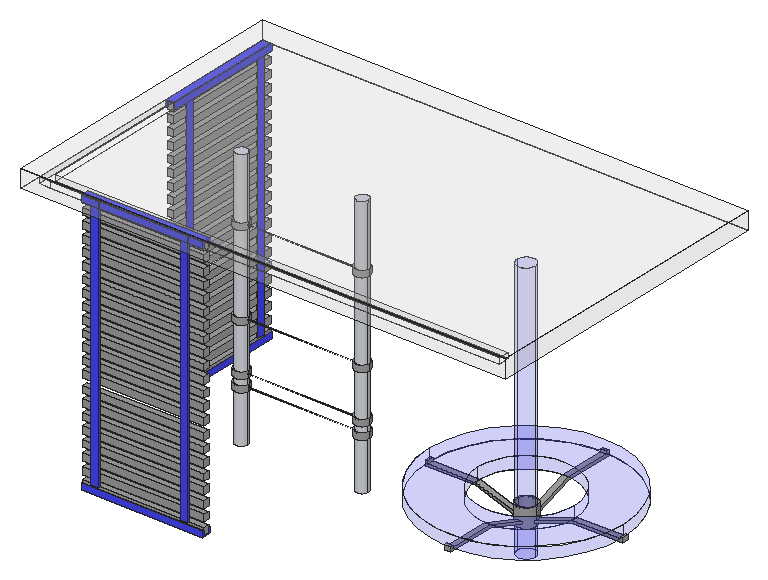
Revit family "TETTOIA", category Modelli generici, Revit 2012
Parameters (values of type "tettoia 2.5x4")
  W = 2.50 m
  S = Htot - 0.15 m  # 2.15 m
  L = 4.00 m
  Htot = 2.30 m
  2materiale = cls tettoia
  2Volume = W * L * S  # 21.50 m³
Types (4, lengths in m): name | W | L | 2Volume
  (no name) | 2.50 | 4.00 | 21.50 m³
  tettoia 2.5x4 | 2.50 | 4.00 | 21.50 m³
  tettoia 2.5x8 | 3.00 | 8.00 | 51.60 m³
  tettoia 2.5x10 | 2.50 | 10.00 | 53.75 m³
Reference planes (m)
  plane 1 "Centro (Fronte/Retro)": y = 0
  plane 2: z = 0
  plane 3 "Centro (Sinistra/Destra)": x = 0
  plane 4: y = 2.5
  plane 5: x = 4
Forms (m)
  Extrusion 1, solid, material "cls tettoia" <- "2materiale"
    sketch origin (0, 0, 0) x (1, 0, 0) y (0, 1, 0)
      loop
        line (0, 2.5) -> (0, 0) -> (4, 0) -> (4, 2.5) -> (0, 2.5)
    from 2.15 <- "S" to 2.3 <- "Htot"
  Extrusion 2, void
    sketch origin (0, 0, 2.15) x (1, 0, 0) y (0, 1, 0)
      loop
        line (0.055805, 0.12854) -> (0.14975, 0.12854) -> (3.84975, 0.12854) -> (3.84975, 0.216566) -> (0.115805, 0.216566) -> (0.115805, 2.42854) -> (0.055805, 2.42854) -> (0.055805, 0.12854)
    from -0.207816 to 0.05
Cuts and joins
  Extrusion 2 cuts Extrusion 1
Lines and regions (m)
  model lines
    curve 1: line (0.01975, 0.12854, 2.15) -> (0.07475, 0.12854, 2.15)
  reference lines
    curve 2: line (0.09975, 0.12854, 2.15) -> (0.09975, 1.92854, 2.15)
Dimensions and locks (m)
  "W": plane 4 to plane 1 "Centro (Fronte/Retro)"
  "L": plane 5 to plane 3 "Centro (Sinistra/Destra)"
  aligned and locked: level to plane 2
  aligned and locked: Extrusion 1 sketch curve to plane 4
  aligned and locked: plane 3 "Centro (Sinistra/Destra)" to Extrusion 1 sketch curve
  aligned and locked: Extrusion 1 sketch curve to plane 1 "Centro (Fronte/Retro)"
  aligned and locked: Extrusion 1 sketch curve to plane 5
Automatic sketch dimensions
  Extrusion 1 to Extrusion 2 sketch curve = 0.055805 m
  Extrusion 2 sketch curve to Extrusion 2 sketch curve = 0.06 m
  Extrusion 2 sketch curve to Extrusion 2 sketch curve = 0.033945 m
  Extrusion 1 to Extrusion 2 sketch curve = 0.15025 m
  Extrusion 1 to Extrusion 2 sketch curve = 0.12854 m
  Extrusion 2 sketch curve to Extrusion 2 sketch curve = 0.088026 m
  Extrusion 1 to Extrusion 2 sketch curve = 0.07146 m
  Extrusion 1 to curve 1 = 0.01975 m
  Extrusion 1 to curve 1 = 0.12854 m
  curve 1 to curve 1 = 0.055 m
  curve 2 to curve 2 = 1.80 m
Nested families (m)
  nested 1: "1_pilastro cls" at (1.79475, 1.27854, 0), type "pilastro r5"
    with P_h 2.15 m, 1Volume 0.0168775 m³
  nested 2: "1_pilastro cls" at (3.14975, 1.27854, 0), type "pilastro r7,5"
    with P_h 2.15 m, 1Volume 0.0379744 m³
  nested 3: "seduta2" at (3.14975, 1.27854, 0.4), type "seduta2"
  nested 4: "sostegno seduta2" at (3.14975, 1.27854, 0.235), type "sostegno r8.5"
  nested 5: "pannello schermatura" at (0.115805, 2.43354, 0.110643) x (0, -1, 0) z (-1, 0, 0), type "pannello 100"
  nested 6: "pannello schermatura" at (0.409308, 0.12854, 0.110643) x (1, 0, 0) z (0, 1, 0), type "pannello 100"
  nested 7: "sostegno pannelli expo" at (0.79975, 1.27854, 1.6), type "sostegno r6"
  nested 8: "1_pilastro cls" at (0.8, 1.27854, 0), type "pilastro r5"
    with P_h 2.15 m, 1Volume 0.0168775 m³
  nested 9: "sostegno pannelli expo" at (0.8, 1.27854, 0.9), type "sostegno r6"
  nested 10: "sostegno pannelli expo" at (0.8, 1.27854, 0.5), type "sostegno r6"
  nested 11: "sostegno pannelli expo" at (0.8, 1.27854, 0.4), type "sostegno r6"
Definition of nested family "1_pilastro cls"
  Parameters (values of type "pilastro r5")
    materiale = cls pilastro
    P_h = 1.647351 m
    P_R = 0.05 m
    1Volume = 3.14 * (P_R ^ 2) * P_h  # 0.0129317 m³
  Types (4, lengths in m): name | P_h | P_R | 1Volume
    (no name) | 1.647351 | 0.05 | 0.0129317 m³
    pilastro r10 | 1.647351 | 0.10 | 0.0517268 m³
    pilastro r7,5 | 2.00 | 0.075 | 0.035325 m³
    pilastro r5 | 1.647351 | 0.05 | 0.0129317 m³
  Reference planes (m)
    plane 1 "Centro (Fronte/Retro)": y = 0
    plane 2: z = 0
    plane 3 "Centro (Sinistra/Destra)": x = 0
    plane 4: z = 1.647351
  Forms (m)
    Extrusion 1, solid, material "cls pilastro" <- "materiale"
      sketch origin (0, 0, 0) x (1, 0, 0) y (0, 1, 0)
        loop
          circle (0, 0) r 0.05
      from 0 to 1.647351 <- "P_h"
  Dimensions and locks (m)
    "P_h": plane 4 to plane 2
    "P_R": radius of Extrusion 1 sketch curve
    aligned and locked: level to plane 2
    aligned and locked: plane 4 to Extrusion 1
  Automatic sketch dimensions
    plane 1 "Centro (Fronte/Retro)" to Extrusion 1 sketch curve = 0.00 m
    Extrusion 1 sketch curve to plane 3 "Centro (Sinistra/Destra)" = 0.00 m
Definition of nested family "seduta2"
  Parameters (values of type "seduta2")
    materiale seduta = seduta
  Reference planes (m)
    plane 1 "Centro (Fronte/Retro)": y = 0
    plane 2: z = 0
    plane 3 "Centro (Sinistra/Destra)": x = 0
  Forms (m)
    Extrusion 1, solid, material "seduta" <- "materiale seduta"
      sketch origin (0, 0, 0) x (1, 0, 0) y (0, 1, 0)
        loop
          circle (0, 0) r 0.8
      from 0 to 0.1
    Extrusion 2, void
      sketch origin (0, 0, 0) x (1, 0, 0) y (0, 1, 0)
        loop
          circle (0, 0) r 0.4
      from 0 to 0.683157
  Cuts and joins
    Extrusion 2 cuts Extrusion 1
  Dimensions and locks (m)
    aligned and locked: level to plane 2
Definition of nested family "sostegno seduta2"
  Parameters (values of type "sostegno r8.5")
    s_r = s_R - 0.01 m  # 0.075 m
    s_R = 0.085 m
    materiale sostegno = acciaio
  Types (4, lengths in m): name | s_r | s_R | materiale sostegno
    (no name) | 0.075 | 0.085 | acciaio
    sostegno r8.5 | 0.075 | 0.085 | acciaio
    sostegno r6 | 0.05 | 0.06 | none
    sostegno r11 | 0.10 | 0.11 | none
  Reference planes (m)
    plane 1 "Centro (Fronte/Retro)": y = 0
    plane 2: z = 0
    plane 3 "Centro (Sinistra/Destra)": x = 0
  Forms (m)
    Extrusion 1, solid, material "acciaio" <- "materiale sostegno"
      sketch origin (0, 0, 0) x (1, 0, 0) y (0, 1, 0)
        loop
          circle (0, 0) r 0.085
      from 0 to 0.15
    Extrusion 2, void
      sketch origin (0, 0, 0) x (1, 0, 0) y (0, 1, 0)
        loop
          circle (0, 0) r 0.075
      from 0 to 0.15
    Sweep 3, solid, material "acciaio" <- "materiale sostegno"
      path origin (0, 0, 0.055) x (1, 0, 0) y (0, 0, 1)
        loop
          line (-0.8, 0.13) -> (-0.8, 0.1) -> (-0.4, 0.1) -> (0, -0.037931)
      profile origin (-0.2, 0, 0.086034) x (0.325991, 0, 0.945373) y (0, -1, 0)
        loop
          line (0.01, 0) -> (0.01, 0.025) -> (-0.01, 0.025) -> (-0.01, -0.025) -> (0.01, -0.025) -> (0.01, 0)
    Sweep 4, solid, material "acciaio" <- "materiale sostegno"
      path origin (0.00652, 0, 0.055) x (-1, 0, 0) y (0, 0, 1)
        loop
          line (-0.8, 0.13) -> (-0.8, 0.1) -> (-0.4, 0.1) -> (0, -0.037931)
      profile origin (0.20652, 0, 0.086034) x (-0.325991, 0, 0.945373) y (0, 1, 0)
        loop
          line (0.01, 0) -> (0.01, 0.025) -> (-0.01, 0.025) -> (-0.01, -0.025) -> (0.01, -0.025) -> (0.01, 0)
    Sweep 5, solid, material "acciaio" <- "materiale sostegno"
      path origin (0, -0.00326, 0.055) x (0, 1, 0) y (0, 0, 1)
        loop
          line (-0.8, 0.13) -> (-0.8, 0.1) -> (-0.4, 0.1) -> (0, -0.037931)
      profile origin (0, -0.20326, 0.086034) x (0, 0.325991, 0.945373) y (1, 0, 0)
        loop
          line (0.01, 0) -> (0.01, 0.025) -> (-0.01, 0.025) -> (-0.01, -0.025) -> (0.01, -0.025) -> (0.01, 0)
    Sweep 6, solid, material "acciaio" <- "materiale sostegno"
      path origin (0, 0.00326, 0.055) x (0, -1, 0) y (0, 0, 1)
        loop
          line (-0.8, 0.13) -> (-0.8, 0.1) -> (-0.4, 0.1) -> (0, -0.037931)
      profile origin (0, 0.20326, 0.086034) x (0, -0.325991, 0.945373) y (-1, 0, 0)
        loop
          line (0.01, 0) -> (0.01, 0.025) -> (-0.01, 0.025) -> (-0.01, -0.025) -> (0.01, -0.025) -> (0.01, 0)
  Cuts and joins
    Extrusion 2 cuts Extrusion 1
    Extrusion 2 cuts Sweep 3
    Extrusion 2 cuts Sweep 4
    Extrusion 2 cuts Sweep 6
    Extrusion 2 cuts Sweep 5
  Dimensions and locks (m)
    "s_R": radius of Extrusion 1 sketch curve
    "s_r": radius of Extrusion 2 sketch curve
    aligned and locked: level to plane 2
    aligned and locked: Extrusion 1 to Extrusion 2
  Automatic sketch dimensions
    plane 1 "Centro (Fronte/Retro)" to Extrusion 1 sketch curve = 0.00 m
    Extrusion 1 sketch curve to plane 3 "Centro (Sinistra/Destra)" = 0.00 m
    plane 1 "Centro (Fronte/Retro)" to Extrusion 2 sketch curve = 0.00 m
    Extrusion 2 sketch curve to plane 3 "Centro (Sinistra/Destra)" = 0.00 m
    Sweep 3 sketch curve to plane 3 "Centro (Sinistra/Destra)" = 0.00 m
    level to Sweep 3 sketch curve = 0.155 m
    Sweep 3 sketch curve to plane 3 "Centro (Sinistra/Destra)" = 0.40 m
    Sweep 3 sketch curve to Sweep 3 sketch curve = 0.40 m
    level to Sweep 3 sketch curve = 0.017069 m
    Sweep 3 sketch curve to Sweep 3 sketch curve = 0.03 m
    Sweep 3 sketch curve to plane 1 "Centro (Fronte/Retro)" = 0.00 m
    profile plane to Sweep 3 sketch curve = 0.01 m
    Sweep 3 sketch curve to profile plane = 0.01 m
    Sweep 3 sketch curve to plane 1 "Centro (Fronte/Retro)" = 0.025 m
    plane 1 "Centro (Fronte/Retro)" to Sweep 3 sketch curve = 0.025 m
    level to Sweep 4 sketch curve = 0.185 m
    plane 3 "Centro (Sinistra/Destra)" to Sweep 4 sketch curve = 0.80652 m
    level to Sweep 4 sketch curve = 0.155 m
    Sweep 4 sketch curve to Sweep 4 sketch curve = 0.40 m
    plane 3 "Centro (Sinistra/Destra)" to Sweep 4 sketch curve = 0.00652 m
    level to Sweep 4 sketch curve = 0.017069 m
    profile plane to Sweep 4 sketch curve = 0.00 m
    profile plane to Sweep 4 sketch curve = 0.01 m
    Sweep 4 sketch curve to profile plane = 0.01 m
    Sweep 4 sketch curve to profile plane = 0.025 m
    profile plane to Sweep 4 sketch curve = 0.025 m
    level to Sweep 5 sketch curve = 0.185 m
    plane 1 "Centro (Fronte/Retro)" to Sweep 5 sketch curve = 0.80326 m
    level to Sweep 5 sketch curve = 0.155 m
    Sweep 5 sketch curve to Sweep 5 sketch curve = 0.40 m
    plane 1 "Centro (Fronte/Retro)" to Sweep 5 sketch curve = 0.00326 m
    level to Sweep 5 sketch curve = 0.017069 m
    Sweep 5 sketch curve to profile plane = 0.00 m
    profile plane to Sweep 5 sketch curve = 0.01 m
    Sweep 5 sketch curve to profile plane = 0.01 m
    Sweep 5 sketch curve to profile plane = 0.025 m
    profile plane to Sweep 5 sketch curve = 0.025 m
    Sweep 6 sketch curve to plane 1 "Centro (Fronte/Retro)" = 0.80326 m
    level to Sweep 6 sketch curve = 0.155 m
    Sweep 6 sketch curve to Sweep 6 sketch curve = 0.40 m  (x2)
    level to Sweep 6 sketch curve = 0.017069 m
    Sweep 6 sketch curve to Sweep 6 sketch curve = 0.03 m
    Sweep 6 sketch curve to profile plane = 0.00 m
    profile plane to Sweep 6 sketch curve = 0.01 m
    Sweep 6 sketch curve to profile plane = 0.01 m
    Sweep 6 sketch curve to profile plane = 0.025 m
    Sweep 6 sketch curve to Sweep 6 sketch curve = 0.025 m
Definition of nested family "pannello schermatura"
  Parameters (values of type "pannello 100")
    pn_l = 1.00 m
    legno pannello = legno pann
    acciaio pannello = acciaio pann
    Default Elevation = 1.2192 m
  Types (3, lengths in m): name | pn_l
    (no name) | 1.00
    pannello 120 | 1.20
    pannello 100 | 1.00
  Reference planes (m)
    plane 1 "Centro (Fronte/Retro)": y = 0
    plane 2: z = 0
    plane 3 "Centro (Sinistra/Destra)": x = 0
    plane 4: x = 1
    plane 5: x = 1
    plane 6: x = 1
    plane 7: x = 1
    plane 8: x = 1
    plane 9: x = 1
    plane 10: x = 1
    plane 11: x = 1
    plane 12: x = 1
    plane 13: x = 1
    plane 14: x = 1
    plane 15: x = 1
    plane 16: x = 1
    plane 17: x = 1
    plane 18: x = 1
    plane 19: x = 1
    plane 20: x = 1
    plane 21: x = 1
    plane 22: x = 1
    plane 23: x = 1
    plane 24: x = 1
    plane 25: x = 1
    plane 26: x = 1
  Forms (m)
    Extrusion 1, solid
      sketch origin (0, 0, 0) x (1, 0, 0) y (0, 1, 0)
        loop
          line (-1.2192, 2.72) -> (-1.2192, -1.2192) -> (1.963187, -1.2192) -> (1.963187, 2.72) -> (-1.2192, 2.72)
      from 0 to -0.3048
    Extrusion 2, solid, material "legno pann" <- "legno pannello"
      sketch origin (0, 0, 0) x (1, 0, 0) y (0, 1, 0)
        loop
          line (0, -0.023548) -> (0, -0.05) -> (0, -0.08) -> (1, -0.08) -> (1, -0.023548) -> (0, -0.023548)
      from 0 to 0.05
    Extrusion 3, solid, material "legno pann" <- "legno pannello"
      sketch origin (0, 0.1, 0) x (1, 0, 0) y (0, 1, 0)
        loop
          line (0, -0.023548) -> (0, -0.05) -> (0, -0.08) -> (1, -0.08) -> (1, -0.023548) -> (0, -0.023548)
      from 0 to 0.05
    Extrusion 4, solid, material "legno pann" <- "legno pannello"
      sketch origin (0, 0.2, 0) x (1, 0, 0) y (0, 1, 0)
        loop
          line (0, -0.023548) -> (0, -0.05) -> (0, -0.08) -> (1, -0.08) -> (1, -0.023548) -> (0, -0.023548)
      from 0 to 0.05
    Extrusion 5, solid, material "legno pann" <- "legno pannello"
      sketch origin (0, 0.3, 0) x (1, 0, 0) y (0, 1, 0)
        loop
          line (0, -0.023548) -> (0, -0.05) -> (0, -0.08) -> (1, -0.08) -> (1, -0.023548) -> (0, -0.023548)
      from 0 to 0.05
    Extrusion 6, solid, material "legno pann" <- "legno pannello"
      sketch origin (0, 0.4, 0) x (1, 0, 0) y (0, 1, 0)
        loop
          line (0, -0.023548) -> (0, -0.05) -> (0, -0.08) -> (1, -0.08) -> (1, -0.023548) -> (0, -0.023548)
      from 0 to 0.05
    Extrusion 7, solid, material "legno pann" <- "legno pannello"
      sketch origin (0, 0.5, 0) x (1, 0, 0) y (0, 1, 0)
        loop
          line (0, -0.023548) -> (0, -0.05) -> (0, -0.08) -> (1, -0.08) -> (1, -0.023548) -> (0, -0.023548)
      from 0 to 0.05
    Extrusion 8, solid, material "legno pann" <- "legno pannello"
      sketch origin (0, 0.6, 0) x (1, 0, 0) y (0, 1, 0)
        loop
          line (0, -0.023548) -> (0, -0.05) -> (0, -0.08) -> (1, -0.08) -> (1, -0.023548) -> (0, -0.023548)
      from 0 to 0.05
    Extrusion 9, solid, material "legno pann" <- "legno pannello"
      sketch origin (0, 0.7, 0) x (1, 0, 0) y (0, 1, 0)
        loop
          line (0, -0.023548) -> (0, -0.05) -> (0, -0.08) -> (1, -0.08) -> (1, -0.023548) -> (0, -0.023548)
      from 0 to 0.05
    Extrusion 10, solid, material "legno pann" <- "legno pannello"
      sketch origin (0, 0.812905, 0) x (1, 0, 0) y (0, 1, 0)
        loop
          line (0, -0.023548) -> (0, -0.05) -> (0, -0.08) -> (1, -0.08) -> (1, -0.023548) -> (0, -0.023548)
      from 0 to 0.05
    Extrusion 11, solid, material "legno pann" <- "legno pannello"
      sketch origin (0, 0.912905, 0) x (1, 0, 0) y (0, 1, 0)
        loop
          line (0, -0.023548) -> (0, -0.05) -> (0, -0.08) -> (1, -0.08) -> (1, -0.023548) -> (0, -0.023548)
      from 0 to 0.05
    Extrusion 12, solid, material "legno pann" <- "legno pannello"
      sketch origin (0, 1.012905, 0) x (1, 0, 0) y (0, 1, 0)
        loop
          line (0, -0.023548) -> (0, -0.05) -> (0, -0.08) -> (1, -0.08) -> (1, -0.023548) -> (0, -0.023548)
      from 0 to 0.05
    Extrusion 13, solid, material "legno pann" <- "legno pannello"
      sketch origin (0, 1.112905, 0) x (1, 0, 0) y (0, 1, 0)
        loop
          line (0, -0.023548) -> (0, -0.05) -> (0, -0.08) -> (1, -0.08) -> (1, -0.023548) -> (0, -0.023548)
      from 0 to 0.05
    Extrusion 14, solid, material "legno pann" <- "legno pannello"
      sketch origin (0, 1.212905, 0) x (1, 0, 0) y (0, 1, 0)
        loop
          line (0, -0.023548) -> (0, -0.05) -> (0, -0.08) -> (1, -0.08) -> (1, -0.023548) -> (0, -0.023548)
      from 0 to 0.05
    Extrusion 15, solid, material "legno pann" <- "legno pannello"
      sketch origin (0, 1.312905, 0) x (1, 0, 0) y (0, 1, 0)
        loop
          line (0, -0.023548) -> (0, -0.05) -> (0, -0.08) -> (1, -0.08) -> (1, -0.023548) -> (0, -0.023548)
      from 0 to 0.05
    Extrusion 16, solid, material "legno pann" <- "legno pannello"
      sketch origin (0, 1.412905, 0) x (1, 0, 0) y (0, 1, 0)
        loop
          line (0, -0.023548) -> (0, -0.05) -> (0, -0.08) -> (1, -0.08) -> (1, -0.023548) -> (0, -0.023548)
      from 0 to 0.05
    Extrusion 17, solid, material "legno pann" <- "legno pannello"
      sketch origin (0, 1.512905, 0) x (1, 0, 0) y (0, 1, 0)
        loop
          line (0, -0.023548) -> (0, -0.05) -> (0, -0.08) -> (1, -0.08) -> (1, -0.023548) -> (0, -0.023548)
      from 0 to 0.05
    Extrusion 18, solid, material "legno pann" <- "legno pannello"
      sketch origin (0, 1.612905, 0) x (1, 0, 0) y (0, 1, 0)
        loop
          line (0, -0.023548) -> (0, -0.05) -> (0, -0.08) -> (1, -0.08) -> (1, -0.023548) -> (0, -0.023548)
      from 0 to 0.05
    Extrusion 19, solid, material "legno pann" <- "legno pannello"
      sketch origin (0, 2.102905, 0) x (1, 0, 0) y (0, 1, 0)
        loop
          line (0, -0.023548) -> (0, -0.05) -> (0, -0.08) -> (1, -0.08) -> (1, -0.023548) -> (0, -0.023548)
      from 0 to 0.05
    Sweep 20, solid, material "acciaio pann" <- "acciaio pannello"
      path origin (0, 0, 0) x (1, 0, 0) y (0, 1, 0)
        loop
          line (0, -0.08) -> (1, -0.08)
      profile origin (0.5, -0.08, 0) x (0, 1, 0) y (0, 0, 1)
        loop
          line (0, 0) -> (0, 0.05) -> (0.04, 0.05) -> (0.04, 0.06) -> (-0.01, 0.06) -> (-0.01, -0.01) -> (0.04, -0.01) -> (0.04, 0) -> (0, 0)
    Sweep 21, solid, material "acciaio pann" <- "acciaio pannello"
      path origin (1, 1.999357, 0) x (-1, 0, 0) y (0, -1, 0)
        loop
          line (0, -0.08) -> (1, -0.08)
      profile origin (0.5, 2.079357, 0) x (0, -1, 0) y (0, 0, 1)
        loop
          line (0, 0) -> (0, 0.05) -> (0.04, 0.05) -> (0.04, 0.06) -> (-0.01, 0.06) -> (-0.01, -0.01) -> (0.04, -0.01) -> (0.04, 0) -> (0, 0)
    Extrusion 22, solid, material "acciaio pann" <- "acciaio pannello"
      sketch origin (0, 0, 0) x (0, 1, 0) y (1, 0, 0)
        loop
          line (-0.023548, 0.874558) -> (-0.023548, 0.814558) -> (2.089357, 0.814558) -> (2.089357, 0.874558) -> (-0.023548, 0.874558)
      from 0 to 0.01
    Extrusion 23, solid, material "acciaio pann" <- "acciaio pannello"
      sketch origin (-0.735, 0, 0) x (0, 1, 0) y (1, 0, 0)
        loop
          line (-0.023548, 0.874558) -> (-0.023548, 0.814558) -> (2.089357, 0.814558) -> (2.089357, 0.874558) -> (-0.023548, 0.874558)
      from 0 to 0.01
    Extrusion 24, solid, material "legno pann" <- "legno pannello"
      sketch origin (0, 1.712905, 0) x (1, 0, 0) y (0, 1, 0)
        loop
          line (0, -0.023548) -> (0, -0.05) -> (0, -0.08) -> (1, -0.08) -> (1, -0.023548) -> (0, -0.023548)
      from 0 to 0.05
    Extrusion 25, solid, material "legno pann" <- "legno pannello"
      sketch origin (0, 1.812905, 0) x (1, 0, 0) y (0, 1, 0)
        loop
          line (0, -0.023548) -> (0, -0.05) -> (0, -0.08) -> (1, -0.08) -> (1, -0.023548) -> (0, -0.023548)
      from 0 to 0.05
    Extrusion 26, solid, material "legno pann" <- "legno pannello"
      sketch origin (0, 1.912905, 0) x (1, 0, 0) y (0, 1, 0)
        loop
          line (0, -0.023548) -> (0, -0.05) -> (0, -0.08) -> (1, -0.08) -> (1, -0.023548) -> (0, -0.023548)
      from 0 to 0.05
    Extrusion 27, solid, material "legno pann" <- "legno pannello"
      sketch origin (0, 2.012905, 0) x (1, 0, 0) y (0, 1, 0)
        loop
          line (0, -0.023548) -> (0, -0.05) -> (0, -0.08) -> (1, -0.08) -> (1, -0.023548) -> (0, -0.023548)
      from 0 to 0.05
  Dimensions and locks (m)
    "pn_l": plane 4 to plane 3 "Centro (Sinistra/Destra)"
    "pn_l": plane 22 to plane 3 "Centro (Sinistra/Destra)"
    aligned and locked: Extrusion 1 to plane 2
    aligned and locked: Extrusion 1 to level
    aligned and locked: plane 4 to Extrusion 2 sketch curve
    aligned and locked: Extrusion 3 to plane 22
    aligned and locked: Extrusion 4 to plane 22
    aligned and locked: Extrusion 5 to plane 22
    aligned and locked: Extrusion 6 to plane 22
    aligned and locked: Extrusion 7 to plane 22
    aligned and locked: Extrusion 8 to plane 22
    aligned and locked: Extrusion 9 to plane 22
    aligned and locked: Extrusion 10 to plane 22
    aligned and locked: Extrusion 11 to plane 22
    aligned and locked: Extrusion 12 to plane 22
    aligned and locked: Extrusion 13 to plane 22
    aligned and locked: Extrusion 14 to plane 22
    aligned and locked: Extrusion 15 to plane 22
    aligned and locked: Extrusion 16 to plane 22
    aligned and locked: Extrusion 17 to plane 22
    aligned and locked: Extrusion 18 to plane 22
    aligned and locked: Extrusion 19 to plane 22
    aligned and locked: plane 3 "Centro (Sinistra/Destra)" to Sweep 20
    aligned and locked: Sweep 21 to plane 3 "Centro (Sinistra/Destra)"
    aligned and locked: Sweep 21 to Extrusion 22
    aligned and locked: Sweep 21 to Extrusion 23
  Automatic sketch dimensions
    Extrusion 1 sketch curve to Extrusion 1 sketch curve = 3.182387 m
    Extrusion 1 sketch curve to Extrusion 1 sketch curve = 3.9392 m
    Extrusion 2 sketch curve to plane 3 "Centro (Sinistra/Destra)" = 0.00 m
    plane 1 "Centro (Fronte/Retro)" to Extrusion 2 sketch curve = 0.08 m
    Extrusion 2 sketch curve to Extrusion 2 sketch curve = 0.03 m
    plane 1 "Centro (Fronte/Retro)" to Extrusion 2 sketch curve = 0.023548 m
    Extrusion 3 sketch curve to plane 3 "Centro (Sinistra/Destra)" = 0.00 m
    Extrusion 3 sketch curve to plane 5 = 0.00 m
    Extrusion 3 sketch curve to plane 1 "Centro (Fronte/Retro)" = 0.02 m
    Extrusion 3 sketch curve to Extrusion 3 sketch curve = 0.03 m
    Extrusion 3 sketch curve to Extrusion 3 sketch curve = 0.026452 m
    Extrusion 4 sketch curve to plane 3 "Centro (Sinistra/Destra)" = 0.00 m
    Extrusion 4 sketch curve to plane 6 = 0.00 m
    Extrusion 4 sketch curve to plane 1 "Centro (Fronte/Retro)" = 0.12 m
    Extrusion 4 sketch curve to Extrusion 4 sketch curve = 0.03 m
    Extrusion 4 sketch curve to Extrusion 4 sketch curve = 0.026452 m
    Extrusion 5 sketch curve to plane 3 "Centro (Sinistra/Destra)" = 0.00 m
    Extrusion 5 sketch curve to plane 7 = 0.00 m
    Extrusion 5 sketch curve to plane 1 "Centro (Fronte/Retro)" = 0.22 m
    Extrusion 5 sketch curve to Extrusion 5 sketch curve = 0.03 m
    Extrusion 5 sketch curve to Extrusion 5 sketch curve = 0.026452 m
    Extrusion 6 sketch curve to plane 3 "Centro (Sinistra/Destra)" = 0.00 m
    Extrusion 6 sketch curve to plane 8 = 0.00 m
    Extrusion 6 sketch curve to plane 1 "Centro (Fronte/Retro)" = 0.32 m
    Extrusion 6 sketch curve to Extrusion 6 sketch curve = 0.03 m
    Extrusion 6 sketch curve to Extrusion 6 sketch curve = 0.026452 m
    Extrusion 7 sketch curve to plane 3 "Centro (Sinistra/Destra)" = 0.00 m
    Extrusion 7 sketch curve to plane 9 = 0.00 m
    Extrusion 7 sketch curve to plane 1 "Centro (Fronte/Retro)" = 0.42 m
    Extrusion 7 sketch curve to Extrusion 7 sketch curve = 0.03 m
    Extrusion 7 sketch curve to Extrusion 7 sketch curve = 0.026452 m
    Extrusion 8 sketch curve to plane 3 "Centro (Sinistra/Destra)" = 0.00 m
    Extrusion 8 sketch curve to plane 10 = 0.00 m
    Extrusion 8 sketch curve to plane 1 "Centro (Fronte/Retro)" = 0.52 m
    Extrusion 8 sketch curve to Extrusion 8 sketch curve = 0.03 m
    Extrusion 8 sketch curve to Extrusion 8 sketch curve = 0.026452 m
    Extrusion 9 sketch curve to plane 3 "Centro (Sinistra/Destra)" = 0.00 m
    Extrusion 9 sketch curve to plane 11 = 0.00 m
    Extrusion 9 sketch curve to plane 1 "Centro (Fronte/Retro)" = 0.62 m
    Extrusion 9 sketch curve to Extrusion 9 sketch curve = 0.03 m
    Extrusion 9 sketch curve to Extrusion 9 sketch curve = 0.026452 m
    Extrusion 10 sketch curve to plane 3 "Centro (Sinistra/Destra)" = 0.00 m
    Extrusion 10 sketch curve to plane 12 = 0.00 m
    Extrusion 10 sketch curve to plane 1 "Centro (Fronte/Retro)" = 0.732905 m
    Extrusion 10 sketch curve to Extrusion 10 sketch curve = 0.03 m
    Extrusion 10 sketch curve to Extrusion 10 sketch curve = 0.026452 m
    Extrusion 11 sketch curve to plane 3 "Centro (Sinistra/Destra)" = 0.00 m
    Extrusion 11 sketch curve to plane 13 = 0.00 m
    Extrusion 11 sketch curve to plane 1 "Centro (Fronte/Retro)" = 0.832905 m
    Extrusion 11 sketch curve to Extrusion 11 sketch curve = 0.03 m
    Extrusion 11 sketch curve to Extrusion 11 sketch curve = 0.026452 m
    Extrusion 12 sketch curve to plane 3 "Centro (Sinistra/Destra)" = 0.00 m
    Extrusion 12 sketch curve to plane 14 = 0.00 m
    Extrusion 12 sketch curve to plane 1 "Centro (Fronte/Retro)" = 0.932905 m
    Extrusion 12 sketch curve to Extrusion 12 sketch curve = 0.03 m
    Extrusion 12 sketch curve to Extrusion 12 sketch curve = 0.026452 m
    Extrusion 13 sketch curve to plane 3 "Centro (Sinistra/Destra)" = 0.00 m
    Extrusion 13 sketch curve to plane 15 = 0.00 m
    Extrusion 13 sketch curve to plane 1 "Centro (Fronte/Retro)" = 1.032905 m
    Extrusion 13 sketch curve to Extrusion 13 sketch curve = 0.03 m
    Extrusion 13 sketch curve to Extrusion 13 sketch curve = 0.026452 m
    Extrusion 14 sketch curve to plane 3 "Centro (Sinistra/Destra)" = 0.00 m
    Extrusion 14 sketch curve to plane 16 = 0.00 m
    Extrusion 14 sketch curve to plane 1 "Centro (Fronte/Retro)" = 1.132905 m
    Extrusion 14 sketch curve to Extrusion 14 sketch curve = 0.03 m
    Extrusion 14 sketch curve to Extrusion 14 sketch curve = 0.026452 m
    Extrusion 15 sketch curve to plane 3 "Centro (Sinistra/Destra)" = 0.00 m
    Extrusion 15 sketch curve to plane 17 = 0.00 m
    Extrusion 15 sketch curve to plane 1 "Centro (Fronte/Retro)" = 1.232905 m
    Extrusion 15 sketch curve to Extrusion 15 sketch curve = 0.03 m
    Extrusion 15 sketch curve to Extrusion 15 sketch curve = 0.026452 m
    Extrusion 16 sketch curve to plane 3 "Centro (Sinistra/Destra)" = 0.00 m
    Extrusion 16 sketch curve to plane 18 = 0.00 m
    Extrusion 16 sketch curve to plane 1 "Centro (Fronte/Retro)" = 1.332905 m
    Extrusion 16 sketch curve to Extrusion 16 sketch curve = 0.03 m
    Extrusion 16 sketch curve to Extrusion 16 sketch curve = 0.026452 m
    Extrusion 17 sketch curve to plane 3 "Centro (Sinistra/Destra)" = 0.00 m
    Extrusion 17 sketch curve to plane 19 = 0.00 m
    Extrusion 17 sketch curve to plane 1 "Centro (Fronte/Retro)" = 1.432905 m
    Extrusion 17 sketch curve to Extrusion 17 sketch curve = 0.03 m
    Extrusion 17 sketch curve to Extrusion 17 sketch curve = 0.026452 m
    Extrusion 18 sketch curve to plane 3 "Centro (Sinistra/Destra)" = 0.00 m
    Extrusion 18 sketch curve to plane 20 = 0.00 m
    Extrusion 18 sketch curve to plane 1 "Centro (Fronte/Retro)" = 1.532905 m
    Extrusion 18 sketch curve to Extrusion 18 sketch curve = 0.03 m
    Extrusion 18 sketch curve to Extrusion 18 sketch curve = 0.026452 m
    Extrusion 19 sketch curve to plane 3 "Centro (Sinistra/Destra)" = 0.00 m
    Extrusion 19 sketch curve to plane 21 = 0.00 m
    Extrusion 19 sketch curve to plane 1 "Centro (Fronte/Retro)" = 2.022905 m
    Extrusion 19 sketch curve to Extrusion 19 sketch curve = 0.03 m
    Extrusion 19 sketch curve to Extrusion 19 sketch curve = 0.026452 m
    Sweep 20 sketch curve to plane 3 "Centro (Sinistra/Destra)" = 0.00 m
    Sweep 20 sketch curve to plane 22 = 0.00 m
    plane 1 "Centro (Fronte/Retro)" to Sweep 20 sketch curve = 0.08 m
    Sweep 20 sketch curve to level = 0.00 m
    Sweep 20 sketch curve to profile plane = 0.00 m
    profile plane to Sweep 20 sketch curve = 0.01 m
    Sweep 20 sketch curve to level = 0.01 m
    Sweep 20 sketch curve to profile plane = 0.04 m  (x2)
    Sweep 20 sketch curve to Sweep 20 sketch curve = 0.05 m
    Sweep 20 sketch curve to Sweep 20 sketch curve = 0.01 m
    Sweep 21 sketch curve to plane 22 = 0.00 m
    Sweep 21 sketch curve to plane 3 "Centro (Sinistra/Destra)" = 0.00 m
    Sweep 21 sketch curve to plane 1 "Centro (Fronte/Retro)" = 2.079357 m
    Sweep 21 sketch curve to profile plane = 0.00 m  (x2)
    profile plane to Sweep 21 sketch curve = 0.01 m
    Sweep 21 sketch curve to profile plane = 0.01 m
    Sweep 21 sketch curve to profile plane = 0.04 m  (x2)
    profile plane to Sweep 21 sketch curve = 0.05 m
    Sweep 21 sketch curve to Sweep 21 sketch curve = 0.01 m
    Extrusion 2 to Extrusion 22 sketch curve = 0.00 m
    Extrusion 2 to Extrusion 22 sketch curve = 0.125442 m
    Extrusion 22 sketch curve to Extrusion 2 = 2.112905 m
    Extrusion 22 sketch curve to Extrusion 22 sketch curve = 0.06 m
    Extrusion 2 to Extrusion 23 sketch curve = 0.00 m
    Extrusion 2 to Extrusion 23 sketch curve = 0.139558 m
    Extrusion 23 sketch curve to Extrusion 23 sketch curve = 2.112905 m
    Extrusion 23 sketch curve to Extrusion 23 sketch curve = 0.06 m
    Extrusion 24 sketch curve to plane 3 "Centro (Sinistra/Destra)" = 0.00 m
    Extrusion 24 sketch curve to plane 22 = 0.00 m
    Extrusion 24 sketch curve to plane 1 "Centro (Fronte/Retro)" = 1.632905 m
    Extrusion 24 sketch curve to Extrusion 24 sketch curve = 0.03 m
    Extrusion 24 sketch curve to Extrusion 24 sketch curve = 0.026452 m
    Extrusion 25 sketch curve to plane 3 "Centro (Sinistra/Destra)" = 0.00 m
    Extrusion 25 sketch curve to plane 22 = 0.00 m
    Extrusion 25 sketch curve to plane 1 "Centro (Fronte/Retro)" = 1.732905 m
    Extrusion 25 sketch curve to Extrusion 25 sketch curve = 0.03 m
    Extrusion 25 sketch curve to Extrusion 25 sketch curve = 0.026452 m
    Extrusion 26 sketch curve to plane 3 "Centro (Sinistra/Destra)" = 0.00 m
    Extrusion 26 sketch curve to plane 22 = 0.00 m
    Extrusion 26 sketch curve to plane 1 "Centro (Fronte/Retro)" = 1.832905 m
    Extrusion 26 sketch curve to Extrusion 26 sketch curve = 0.03 m
    Extrusion 26 sketch curve to Extrusion 26 sketch curve = 0.026452 m
    Extrusion 27 sketch curve to plane 3 "Centro (Sinistra/Destra)" = 0.00 m
    Extrusion 27 sketch curve to plane 22 = 0.00 m
    Extrusion 27 sketch curve to plane 1 "Centro (Fronte/Retro)" = 1.932905 m
    Extrusion 27 sketch curve to Extrusion 27 sketch curve = 0.03 m
    Extrusion 27 sketch curve to Extrusion 27 sketch curve = 0.026452 m
Definition of nested family "sostegno pannelli expo"
  Parameters (values of type "sostegno r6")
    s_r = s_R - 0.01 m  # 0.05 m
    s_R = 0.06 m
    materiale sostegno = acciaio
  Types (4, lengths in m): name | s_r | s_R
    (no name) | 0.05 | 0.06
    sostegno r8.5 | 0.075 | 0.085
    sostegno r6 | 0.05 | 0.06
    sostegno r11 | 0.10 | 0.11
  Reference planes (m)
    plane 1 "Centro (Fronte/Retro)": y = 0
    plane 2: z = 0
    plane 3 "Centro (Sinistra/Destra)": x = 0
  Forms (m)
    Extrusion 1, solid, material "acciaio" <- "materiale sostegno"
      sketch origin (0, 0, 0) x (1, 0, 0) y (0, 1, 0)
        loop
          circle (0, 0) r 0.06
      from 0 to 0.05
    Extrusion 2, void
      sketch origin (0, 0, 0) x (1, 0, 0) y (0, 1, 0)
        loop
          circle (0, 0) r 0.05
      from 0 to 0.05
    Extrusion 3, solid, material "acciaio" <- "materiale sostegno"
      sketch origin (0.995, 0, 0) x (1, 0, 0) y (0, 1, 0)
        loop
          circle (0, 0) r 0.06
      from 0 to 0.05
    Extrusion 4, void
      sketch origin (0.995, 0, 0) x (1, 0, 0) y (0, 1, 0)
        loop
          circle (0, 0) r 0.05
      from 0 to 0.05
    Extrusion 5, solid
      sketch origin (0, 0, 0) x (0, 1, 0) y (0, 0, 1)
        loop
          circle (0, 0.024438) r 0.002
      from 0 to 0.983253
  Cuts and joins
    Extrusion 2, Extrusion 4 cuts Extrusion 1
    Extrusion 4 cuts Extrusion 3
    Extrusion 2, Extrusion 4 cuts Extrusion 5
  Dimensions and locks (m)
    "s_R": radius of Extrusion 1 sketch curve
    "s_r": radius of Extrusion 2 sketch curve
    "s_R": radius of Extrusion 3 sketch curve
    "s_r": radius of Extrusion 4 sketch curve
    aligned and locked: level to plane 2
    aligned and locked: Extrusion 1 to Extrusion 2
    aligned and locked: Extrusion 3 to Extrusion 4
  Automatic sketch dimensions
    plane 1 "Centro (Fronte/Retro)" to Extrusion 1 sketch curve = 0.00 m
    Extrusion 1 sketch curve to plane 3 "Centro (Sinistra/Destra)" = 0.00 m
    plane 1 "Centro (Fronte/Retro)" to Extrusion 2 sketch curve = 0.00 m
    Extrusion 2 sketch curve to plane 3 "Centro (Sinistra/Destra)" = 0.00 m
    plane 1 "Centro (Fronte/Retro)" to Extrusion 3 sketch curve = 0.00 m
    plane 3 "Centro (Sinistra/Destra)" to Extrusion 3 sketch curve = 0.995 m
    plane 1 "Centro (Fronte/Retro)" to Extrusion 4 sketch curve = 0.00 m
    plane 3 "Centro (Sinistra/Destra)" to Extrusion 4 sketch curve = 0.995 m
    Extrusion 5 sketch curve to plane 1 "Centro (Fronte/Retro)" = 0.00 m
    level to Extrusion 5 sketch curve = 0.024438 m
    radius of Extrusion 5 sketch curve = 0.002 m
